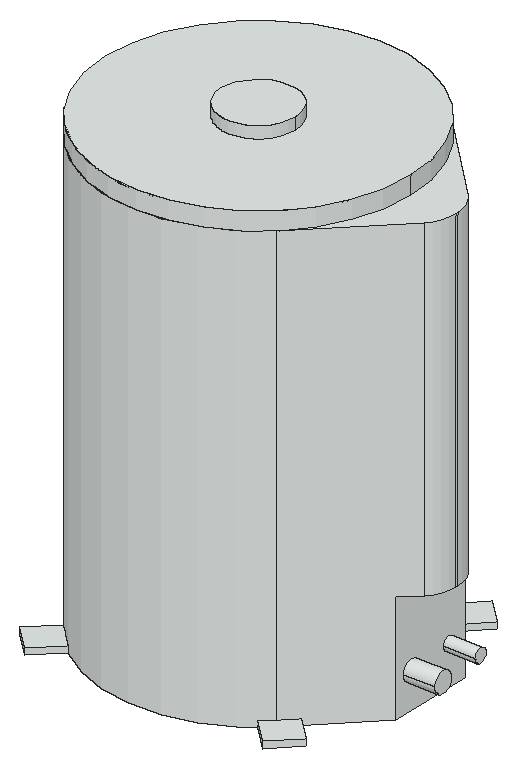
Revit family "Unidade_Condensadora_01", category Mechanical Equipment, Revit 2020
Family settings
  Round Connector Dimension = Use Diameter
  Part Type = Normal
  OmniClass Number = 23.75.70.21.21
  OmniClass Title = Local Air-Conditioning Units
  Work Plane-Based = Yes
  Always vertical = Yes
  Cut with Voids When Loaded = No
  Shared = No
  Room Calculation Point = Yes
Parameters
  Default Elevation = 1.2192 m
  CT_ArCondicionados = CT_ArCondicionados
Reference planes (m)
  plane 1 "Center (Front/Back)": y = 0
  plane 2: z = 0
  plane 3 "Center (Left/Right)": x = 0
Forms (m)
  Extrusion 1, solid, material "CT_ArCondicionados" <- "CT_ArCondicionados"
    sketch origin (0, 0, 0) x (1, 0, 0) y (0, 1, 0)
      loop
        arc (0.162263, 0.157311) -> (-0.225973, 0.003502) -> (0.157311, -0.162263) r 0.226
        line (0.157311, -0.162263) -> (0.279058, -0.040516)
        arc (0.279058, -0.040516) -> (0.29098, -0.022673) -> (0.295167, -0.001625) r 0.055
        line (0.295167, -0.001625) -> (0.295167, 0.001625)
        arc (0.295167, 0.001625) -> (0.29098, 0.022673) -> (0.279058, 0.040516) r 0.055
        line (0.279058, 0.040516) -> (0.162263, 0.157311)
    from 0 to 0.66
  Extrusion 2, solid, material "CT_ArCondicionados" <- "CT_ArCondicionados"
    sketch origin (0, 0, 0) x (1, 0, 0) y (0, 1, 0)
      loop
        line (-0.176503, -0.141148) -> (-0.212132, -0.176777) -> (-0.176777, -0.212132) -> (-0.141148, -0.176503)
        arc (-0.141148, -0.176503) -> (-0.159806, -0.159806) -> (-0.176503, -0.141148) r 0.226
    from 0 to 0.00955
  Extrusion 3, solid, material "CT_ArCondicionados" <- "CT_ArCondicionados"
    sketch origin (0, 0, 0) x (-1, 0, 0) y (0, -1, 0)
      loop
        arc (-0.176503, 0.141148) -> (-0.159806, 0.159806) -> (-0.141148, 0.176503) r 0.226
        line (-0.141148, 0.176503) -> (-0.176777, 0.212132) -> (-0.212132, 0.176777) -> (-0.176503, 0.141148)
    from 0 to 0.00955
  Extrusion 4, solid, material "CT_ArCondicionados" <- "CT_ArCondicionados"
    sketch origin (0, 0, 0) x (1, 0, 0) y (0, 1, 0)
      loop
        arc (-0.176503, 0.141148) -> (-0.159806, 0.159806) -> (-0.141148, 0.176503) r 0.226
        line (-0.141148, 0.176503) -> (-0.176777, 0.212132) -> (-0.212132, 0.176777) -> (-0.176503, 0.141148)
    from 0 to 0.00955
  Extrusion 5, solid, material "CT_ArCondicionados" <- "CT_ArCondicionados"
    sketch origin (0, 0, 0) x (-1, 0, 0) y (0, -1, 0)
      loop
        line (-0.176503, -0.141148) -> (-0.212132, -0.176777) -> (-0.176777, -0.212132) -> (-0.141148, -0.176503)
        arc (-0.141148, -0.176503) -> (-0.159806, -0.159806) -> (-0.176503, -0.141148) r 0.226
    from 0 to 0.00955
  Extrusion 6, solid, material "CT_ArCondicionados" <- "CT_ArCondicionados"
    sketch origin (0, 0, 0) x (1, 0, 0) y (0, 1, 0)
      loop
        circle (0, 0) r 0.226
    from 0.66 to 0.686491
  Extrusion 7, solid, material "CT_ArCondicionados" <- "CT_ArCondicionados"
    sketch origin (0.284754, -0.011155, 0.559396) x (0, 1, 0) y (0, 0, 1)
      loop
        circle (-0.024964, -0.504423) r 0.015
      loop
        circle (0.044598, -0.499369) r 0.01
    from -0.029587 to 0.018555
  Extrusion 8, void
    sketch origin (0, 0, 0) x (1, 0, 0) y (0, 1, 0)
      loop
        line (0.255246, 0.064328) -> (0.255246, -0.064328) -> (0.279058, -0.040516)
        arc (0.279058, -0.040516) -> (0.29098, -0.022673) -> (0.295167, -0.001625) r 0.055
        line (0.295167, -0.001625) -> (0.295167, 0.001625)
        arc (0.295167, 0.001625) -> (0.29098, 0.022673) -> (0.279058, 0.040516) r 0.055
        line (0.279058, 0.040516) -> (0.255246, 0.064328)
    from 0 to 0.163688
  Extrusion 9, solid, material "CT_ArCondicionados" <- "CT_ArCondicionados"
    sketch origin (0, 0, 0) x (1, 0, 0) y (0, 1, 0)
      loop
        circle (0, 0) r 0.055
    from 0.686491 to 0.703741
Cuts and joins
  Extrusion 8 cuts Extrusion 1
Dimensions and locks (m)
  aligned and locked: level to plane 2
